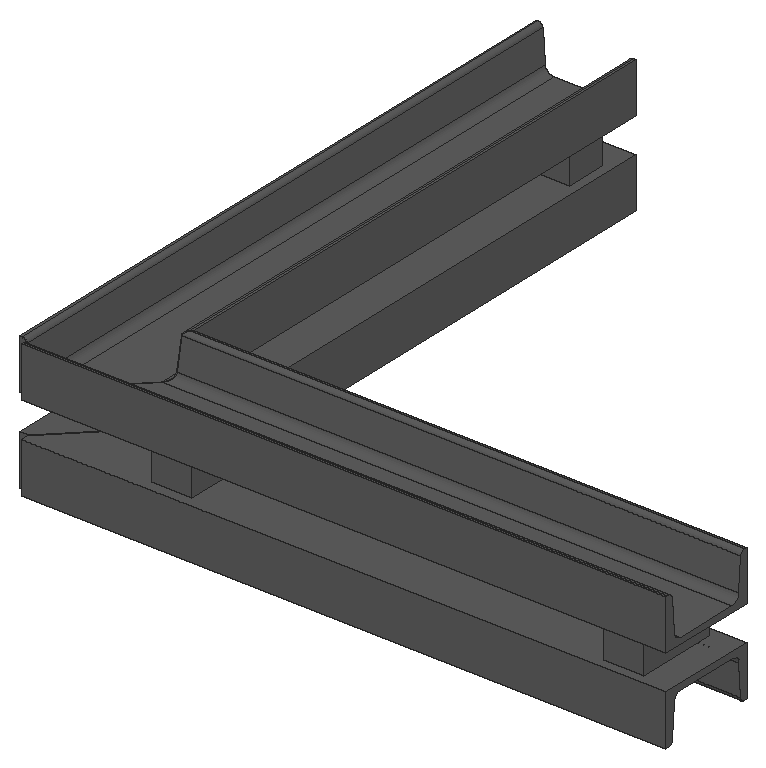
Revit family "ORMA_L WALER_1900538", category Generic Models, Revit 2018
Family settings
  Can host rebar = No
  Round Connector Dimension = Use Diameter
  Part Type = Normal
  OmniClass Number = 35.51.14.00
  OmniClass Title = FORMWORK
  Work Plane-Based = Yes
  Always vertical = No
  Cut with Voids When Loaded = No
  Shared = Yes
  Room Calculation Point = No
Parameters
  VERSION = "20170217"  # constant formula
  URL = "www.ulmaconstruction.com/en"
  UNICLASS = ""
  Manufacturer = "ULMA CONSTRUCTION"  # constant formula
  ITEM_CODE = "1900538"
  FILTER [instance] = ""
  Default Elevation = 0.000 mm
  CLASSIFICATION_TITLE = ""
  CLASSIFICATION_NUMBER = ""
Reference planes
  plane 1 "Centro (Frontal/Posterior)": y = 0
  plane 2: z = 0
  plane 3 "Centro (Izquierda/Derecha)": x = 0
Forms (mm)
  Extrusion 1, solid, material "ULMA BLACK", detail levels fine
    sketch origin (0, 0, 0) x (0, 1, 0) y (0, 0, 1)
      loop
        line (100, 28) -> (100, 78) -> (97.654, 78)
        arc (97.654, 78) -> (94.602, 76.806) -> (93.169, 73.859) r 4.5
        line (93.169, 73.859) -> (90.606, 41.822)
        arc (90.606, 41.822) -> (87.899, 36.255) -> (82.133, 34) r 8.5
        line (82.133, 34) -> (17.867, 34)
        arc (17.867, 34) -> (12.101, 36.255) -> (9.394, 41.822) r 8.5
        line (9.394, 41.822) -> (6.831, 73.859)
        arc (6.831, 73.859) -> (5.398, 76.806) -> (2.346, 78) r 4.5
        line (2.346, 78) -> (0, 78) -> (0, 28) -> (100, 28)
      loop
        line (100, -7) -> (0, -7) -> (0, -57) -> (2.346, -57)
        arc (2.346, -57) -> (5.398, -55.806) -> (6.831, -52.859) r 4.5
        line (6.831, -52.859) -> (9.394, -20.822)
        arc (9.394, -20.822) -> (12.101, -15.255) -> (17.867, -13) r 8.5
        line (17.867, -13) -> (82.133, -13)
        arc (82.133, -13) -> (87.899, -15.255) -> (90.606, -20.822) r 8.5
        line (90.606, -20.822) -> (93.169, -52.859)
        arc (93.169, -52.859) -> (94.602, -55.806) -> (97.654, -57) r 4.5
        line (97.654, -57) -> (100, -57) -> (100, -7)
    from 0 to 650
  Extrusion 2, solid, material "ULMA BLACK", detail levels fine
    sketch origin (0, 0, 0) x (1, 0, 0) y (0, 0, 1)
      loop
        line (100, 28) -> (100, 78) -> (97.654, 78)
        arc (97.654, 78) -> (94.602, 76.806) -> (93.169, 73.859) r 4.5
        line (93.169, 73.859) -> (90.606, 41.822)
        arc (90.606, 41.822) -> (87.899, 36.255) -> (82.133, 34) r 8.5
        line (82.133, 34) -> (17.867, 34)
        arc (17.867, 34) -> (12.101, 36.255) -> (9.394, 41.822) r 8.5
        line (9.394, 41.822) -> (6.831, 73.859)
        arc (6.831, 73.859) -> (5.398, 76.806) -> (2.346, 78) r 4.5
        line (2.346, 78) -> (0, 78) -> (0, 28) -> (100, 28)
      loop
        line (100, -7) -> (0, -7) -> (0, -57) -> (2.346, -57)
        arc (2.346, -57) -> (5.398, -55.806) -> (6.831, -52.859) r 4.5
        line (6.831, -52.859) -> (9.394, -20.822)
        arc (9.394, -20.822) -> (12.101, -15.255) -> (17.867, -13) r 8.5
        line (17.867, -13) -> (82.133, -13)
        arc (82.133, -13) -> (87.899, -15.255) -> (90.606, -20.822) r 8.5
        line (90.606, -20.822) -> (93.169, -52.859)
        arc (93.169, -52.859) -> (94.602, -55.806) -> (97.654, -57) r 4.5
        line (97.654, -57) -> (100, -57) -> (100, -7)
    from 0 to -650
  Extrusion 3, solid, material "ULMA BLACK", detail levels fine
    sketch origin (0, 0, 0) x (1, 0, 0) y (0, 1, 0)
      loop
        line (90, 620) -> (10, 620) -> (10, 580) -> (90, 580) -> (90, 620)
      loop
        line (90, 170) -> (10, 170) -> (10, 130) -> (90, 130) -> (90, 170)
      loop
        line (130, 10) -> (170, 10) -> (170, 90) -> (130, 90) -> (130, 10)
      loop
        line (580, 10) -> (620, 10) -> (620, 90) -> (580, 90) -> (580, 10)
    from -7 to 28
  Extrusion 4, void
    sketch origin (0, 0, 0) x (1, 0, 0) y (0, 1, 0)
      loop
        line (100, 100) -> (0, 100) -> (0, 0) -> (9, 0) -> (9, 9) -> (100, 100)
    from -57 to 78
  Extrusion 5, void
    sketch origin (0, 0, 0) x (1, 0, 0) y (0, 1, 0)
      loop
        line (100, 100) -> (9, 9) -> (0, 9) -> (0, 0) -> (100, 0) -> (100, 100)
    from -57 to 78
  Extrusion 6, solid, material "ULMA BLACK", detail levels coarse+medium
    sketch origin (0, 0, 0) x (1, 0, 0) y (0, 1, 0)
      loop
        line (0, 650) -> (0, 0) -> (650, 0) -> (650, 100) -> (100, 100) -> (100, 650) -> (0, 650)
    from -57 to 78
Cuts and joins
  Extrusion 4 cuts Extrusion 1
  Extrusion 5 cuts Extrusion 2
Lines and regions (mm)
  model lines, style "ULMA WALERS", detail levels fine
    curve 1: circle (50, 600, 34) r 10 normal (0, 0, 1)
    curve 2: circle (50, 550, 34) r 10 normal (0, 0, 1)
    curve 3: circle (50, 450, 34) r 10 normal (0, 0, 1)
    curve 4: circle (50, 350, 34) r 10 normal (0, 0, 1)
    curve 5: circle (50, 250, 34) r 10 normal (0, 0, 1)
    curve 6: circle (50, 150, 34) r 10 normal (0, 0, 1)
    curve 7: circle (150, 50, 34) r 10 normal (0, 0, 1)
    curve 8: circle (250, 50, 34) r 10 normal (0, 0, 1)
    curve 9: circle (350, 50, 34) r 10 normal (0, 0, 1)
    curve 10: circle (450, 50, 34) r 10 normal (0, 0, 1)
    curve 11: circle (550, 50, 34) r 10 normal (0, 0, 1)
    curve 12: circle (600, 50, 34) r 10 normal (0, 0, 1)
    curve 13: circle (50, 600, -7) r 10 normal (0, 0, 1)
    curve 14: circle (50, 550, -7) r 10 normal (0, 0, 1)
    curve 15: circle (50, 450, -7) r 10 normal (0, 0, 1)
    curve 16: circle (50, 350, -7) r 10 normal (0, 0, 1)
    curve 17: circle (50, 250, -7) r 10 normal (0, 0, 1)
    curve 18: circle (50, 150, -7) r 10 normal (0, 0, 1)
    curve 19: circle (150, 50, -7) r 10 normal (0, 0, 1)
    curve 20: circle (250, 50, -7) r 10 normal (0, 0, 1)
    curve 21: circle (350, 50, -7) r 10 normal (0, 0, 1)
    curve 22: circle (450, 50, -7) r 10 normal (0, 0, 1)
    curve 23: circle (550, 50, -7) r 10 normal (0, 0, 1)
    curve 24: circle (600, 50, -7) r 10 normal (0, 0, 1)
    curve 25: circle (50, 600, 28) r 10 normal (0, 0, 1)
    curve 26: circle (50, 550, 28) r 10 normal (0, 0, 1)
    curve 27: circle (50, 450, 28) r 10 normal (0, 0, 1)
    curve 28: circle (50, 350, 28) r 10 normal (0, 0, 1)
    curve 29: circle (50, 250, 28) r 10 normal (0, 0, 1)
    curve 30: circle (50, 150, 28) r 10 normal (0, 0, 1)
    curve 31: circle (150, 50, 28) r 10 normal (0, 0, 1)
    curve 32: circle (250, 50, 28) r 10 normal (0, 0, 1)
    curve 33: circle (350, 50, 28) r 10 normal (0, 0, 1)
    curve 34: circle (450, 50, 28) r 10 normal (0, 0, 1)
    curve 35: circle (550, 50, 28) r 10 normal (0, 0, 1)
    curve 36: circle (600, 50, 28) r 10 normal (0, 0, 1)
    curve 37: circle (50, 600, -13) r 10 normal (0, 0, 1)
    curve 38: circle (50, 550, -13) r 10 normal (0, 0, 1)
    curve 39: circle (50, 450, -13) r 10 normal (0, 0, 1)
    curve 40: circle (50, 350, -13) r 10 normal (0, 0, 1)
    curve 41: circle (50, 250, -13) r 10 normal (0, 0, 1)
    curve 42: circle (50, 150, -13) r 10 normal (0, 0, 1)
    curve 43: circle (150, 50, -13) r 10 normal (0, 0, 1)
    curve 44: circle (250, 50, -13) r 10 normal (0, 0, 1)
    curve 45: circle (350, 50, -13) r 10 normal (0, 0, 1)
    curve 46: circle (450, 50, -13) r 10 normal (0, 0, 1)
    curve 47: circle (550, 50, -13) r 10 normal (0, 0, 1)
    curve 48: circle (600, 50, -13) r 10 normal (0, 0, 1)
Dimensions and locks
  aligned and locked: level to plane 2
